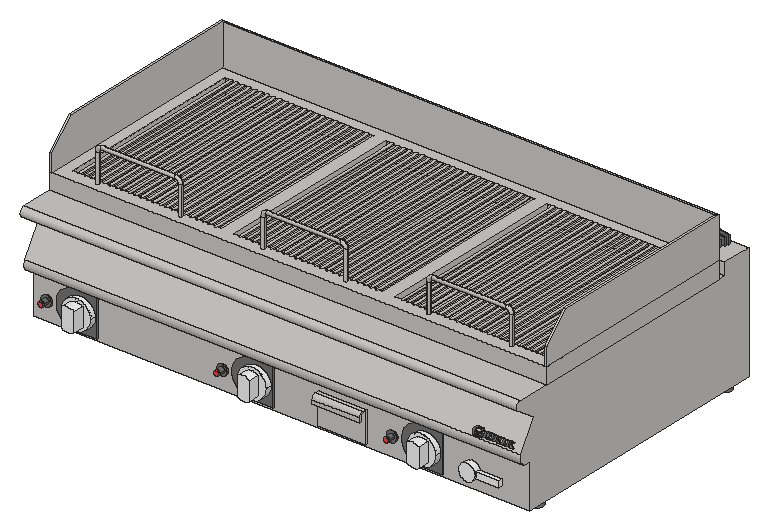
Revit family "QF_GIORIK_GL76TV", category Specialty Equipment, Revit 2014
Parameters (values of type "GL76TV")
  Weight in Pounds = 198.4158
  Waste Water Discharge Temperature [instance] = 0 °C
  URL Cutsheet = "www.giorik.com"
  URL = "www.giorik.com"
  Status [instance] = ""
  Specification by User [instance] = ""
  Specification by Manufacturer = ""
  Show Logo [instance] = yes
  Show Clearance [instance] = yes
  Serial Number = ""
  Seismic Rating = ""
  SMACNA No = ""
  Revision Code [instance] = ""
  Plumbing Remarks [instance] = ""
  Plumbing Connection Type [instance] = ""
  NAFEM Spec ID Number = ""
  Model = "GL76TV"
  Masterspec = ""
  Manufacturer = "GIORIK"
  Item Number [instance] = ""
  Installed By [instance] = ""
  Indirect Waste Size = 1 1/4"
  Indirect Waste Flow = 0.0 L/s
  Indirect Waste Connection Type [instance] = ""
  Indirect Waste Connection Height [instance] = 20 mm
  Identify Quantity as Lot [instance] = no
  Gas Size = 1"
  Gas RI Height [instance] = 0 mm
  Gas KW = 25.5
  Gas Input = 25500 W
  Gas Connection Height [instance] = 20 mm
  Furnished By [instance] = ""
  Foodservice Equipment Identifier [instance] = yes
  Description = "GAS STEAMGRILL"
  Cold Water Temperature Recommended = 0 °C
  Cold Water Size = 1/2"
  Cold Water RI Height [instance] = 20 mm
  Cold Water Minimum Pressure = 20000.0 Pa
  Cold Water Maximum Pressure = 50000.0 Pa
  Cold Water Flow [instance] = 0.0 L/s
  Cold Water Consumption [instance] = ""
  Cold Water Connection Height [instance] = 20 mm
  CSI MasterFormat = ""
  Assembly Code = "E1090320"
Reference planes
  plane 1 "Back": y = 0
  plane 2: z = 0
  plane 3 "Left": x = 0
  plane 4 "Right": x = 1200
  plane 5 "Front": y = -720
  plane 6 "Top": z = 300
Forms (mm)
  Extrusion 1, solid, visible <- "Show Logo"
    sketch origin (986.604, -708.674, 117.684) x (-1, 0, 0) y (0, 0.515038, 0.857167)
      loop
        line (-118.824, 58.358) -> (-127.804, 58.358) -> (-125.523, 56.445) -> (-125.523, 48.027) -> (-127.804, 46.113) -> (-118.824, 46.113) -> (-121.105, 48.027) -> (-121.105, 56.445) -> (-118.824, 58.358)
      loop
        line (-163.721, 58.358) -> (-172.7, 58.358) -> (-170.42, 56.445) -> (-170.42, 48.027) -> (-172.7, 46.113) -> (-163.721, 46.113) -> (-166.001, 48.027) -> (-166.001, 56.445) -> (-163.721, 58.358)
      loop
        line (-174.332, 58.358) -> (-183.312, 58.358) -> (-181.031, 56.445) -> (-181.031, 52.435) -> (-186.419, 56.955) -> (-184.416, 58.358) -> (-191.268, 58.358) -> (-188.01, 56.839) -> (-185.455, 54.283) -> (-190.846, 47.858) -> (-193.396, 46.93) -> (-193.396, 46.113) -> (-184.416, 46.113) -> (-185.437, 47.571) -> (-182.443, 51.552) -> (-181.031, 50.894) -> (-181.031, 48.027) -> (-183.312, 46.113) -> (-174.332, 46.113) -> (-176.613, 48.027) -> (-176.613, 56.445) -> (-174.332, 58.358)
      loop
        line (-115.429, 62.063) -> (-115.429, 54.198)
        arc (-115.429, 54.198) -> (-111.618, 57.803) -> (-106.847, 59.986) r 16.039
        arc (-106.847, 59.986) -> (-103.314, 59.837) -> (-100.512, 57.68) r 5.851
        arc (-100.512, 57.68) -> (-98.815, 52.267) -> (-100.512, 46.853) r 9.479
        arc (-100.512, 46.853) -> (-102.406, 44.986) -> (-104.846, 43.93) r 7.236
        arc (-104.846, 43.93) -> (-107.728, 44.111) -> (-110.052, 45.825) r 5.11
        line (-110.052, 45.825) -> (-110.052, 52.001) -> (-116.141, 52.001) -> (-116.141, 45.503) -> (-117.893, 43.751) -> (-114.094, 44.769)
        arc (-114.094, 44.769) -> (-112.56, 44.947) -> (-111.129, 44.366) r 3.115
        arc (-111.129, 44.366) -> (-104.216, 42.091) -> (-97.303, 44.366) r 11.641
        arc (-97.303, 44.366) -> (-93.396, 52.107) -> (-97.303, 59.849) r 9.622
        arc (-97.303, 59.849) -> (-104.369, 62.174) -> (-111.435, 59.849) r 11.898
        line (-111.435, 59.849) -> (-115.429, 62.063)
      loop
        arc (-129.234, 56.068) -> (-135.893, 58.628) -> (-142.552, 56.068) r 9.941
        arc (-142.552, 56.068) -> (-144.234, 52.286) -> (-142.552, 48.505) r 5.093
        arc (-142.552, 48.505) -> (-135.893, 45.945) -> (-129.234, 48.505) r 9.941
        arc (-129.234, 48.505) -> (-127.552, 52.286) -> (-129.234, 56.068) r 5.093
      loop
        arc (-132.628, 54.403) -> (-135.893, 57.668) -> (-139.158, 54.403) r 3.265
        line (-139.158, 54.403) -> (-139.158, 50.169)
        arc (-139.158, 50.169) -> (-135.893, 46.904) -> (-132.628, 50.169) r 3.265
        line (-132.628, 50.169) -> (-132.628, 54.403)
      loop
        arc (-156.363, 58.365) -> (-159.647, 55.081) -> (-156.363, 51.796) r 3.285
        line (-156.363, 51.796) -> (-159.529, 47.306) -> (-162.087, 46.113) -> (-155.847, 46.113) -> (-153.529, 51.083) -> (-150.637, 51.083) -> (-150.637, 47.784) -> (-153.022, 46.113) -> (-144.011, 46.113) -> (-146.094, 47.68) -> (-146.094, 56.493) -> (-144.229, 58.365) -> (-156.363, 58.365)
      loop
        line (-150.637, 57.512) -> (-153.637, 57.512)
        arc (-153.637, 57.512) -> (-156.237, 54.912) -> (-153.637, 52.312) r 2.6
        line (-153.637, 52.312) -> (-150.637, 52.312) -> (-150.637, 57.512)
      loop
        line (-108.924, 52.001) -> (-104.936, 49.005) -> (-100.948, 52.001) -> (-108.924, 52.001)
    from 1.5 to -0.5
  Extrusion 2, solid
    sketch origin (-4, 0, 0) x (1, 0, 0) y (0, 1, 0)
      loop
        circle (54, -385) r 12.5
    from 5 to 20
  Extrusion 3, solid
    sketch origin (0, 1000, -620) x (0, 1, 0) y (0, 0, 1)
      loop
        line (-1000, 919.988) -> (-1070, 919.988) -> (-1070, 889.988) -> (-1688.806, 889.988)
        arc (-1688.806, 889.988) -> (-1699.151, 883.075) -> (-1696.724, 870.873) r 11.197
        line (-1696.724, 870.873) -> (-1647.575, 836.458) -> (-1686.203, 772.171)
        arc (-1686.203, 772.171) -> (-1687.435, 755.768) -> (-1675, 745) r 18.302
        line (-1675, 745) -> (-1660, 745) -> (-1660, 640) -> (-1000, 640) -> (-1000, 919.988)
    from 0 to 1200
  Extrusion 4, solid
    sketch origin (-308.221, -612, -651.25) x (1, 0, 0) y (0, 0, 1)
      loop
        line (463.221, 676.25) -> (463.221, 766.25) -> (409.698, 766.25)
        arc (409.698, 766.25) -> (364.698, 721.25) -> (409.698, 676.25) r 45
        line (409.698, 676.25) -> (463.221, 676.25)
    from 48 to 50
  Extrusion 5, solid
    sketch origin (466.331, -660.641, -651.634) x (-1, 0, 0) y (0, -0.000888, -1)
      loop
        circle (351.331, -721.346) r 35
    from 0 to 15
  Extrusion 6, solid
    sketch origin (466.331, -660.641, -651.634) x (-1, 0, 0) y (0, -0.000888, -1)
      loop
        arc (336.331, -743.846) -> (351.331, -748.846) -> (366.331, -743.846) r 25
        line (366.331, -743.846) -> (366.331, -698.846)
        arc (366.331, -698.846) -> (351.331, -693.846) -> (336.331, -698.846) r 25
        line (336.331, -698.846) -> (336.331, -743.846)
    from 15 to 40
  Extrusion 7, solid
    sketch origin (-94, 0, -610.001) x (1, 0, 0) y (0, 0, 1)
      loop
        line (135, 909.989) -> (453, 909.989) -> (453, 925.527) -> (347.056, 931.749) -> (240.944, 931.749) -> (135, 925.527) -> (135, 909.989)
    from 32 to 35
  Extrusion 8, solid
    sketch origin (-92, 10, -610.001) x (1, 0, 0) y (0, 0, 1)
      loop
        line (454, 909.989) -> (454, 928.527) -> (346.162, 939.193) -> (237.838, 939.193) -> (130, 928.527) -> (130, 909.989) -> (454, 909.989)
    from 32 to 35
  Extrusion 9, solid
    sketch origin (-90, 20, -610.001) x (1, 0, 0) y (0, 0, 1)
      loop
        line (455, 909.989) -> (455, 930.527) -> (345.396, 947.413) -> (234.604, 947.413) -> (125, 930.527) -> (125, 909.989) -> (455, 909.989)
    from 32 to 35
  Extrusion 10, solid
    sketch origin (0, 0, -600) x (0, 1, 0) y (0, 0, 1)
      loop
        line (-90, 909.988) -> (-90, 1009.988) -> (-551.877, 1009.988) -> (-610, 951.864) -> (-610, 909.988) -> (-90, 909.988)
    from 0 to 5
  Extrusion 11, solid
    sketch origin (0, -90, -600) x (1, 0, 0) y (0, 0, 1)
      loop
        line (5, 1009.988) -> (5, 909.988) -> (1195, 909.988) -> (1195, 1009.988) -> (5, 1009.988)
    from 0 to 5
  Sweep 12, solid
    path origin (32.128, -587.463, 1256.207) x (0, 0, 1) y (-1, 0, 0)
      loop
        line (-946.207, -65.372) -> (-876.207, -65.372)
        arc (-876.207, -65.372) -> (-869.136, -68.301) -> (-866.207, -75.372) r 10
        line (-866.207, -75.372) -> (-866.207, -255.372)
        arc (-866.207, -255.372) -> (-869.136, -262.443) -> (-876.207, -265.372) r 10
        line (-876.207, -265.372) -> (-946.207, -265.372)
    profile origin (97.5, -587.463, 345) x (-1, 0, 0) y (0, -1, 0)
      loop
        circle (0, 0) r 4
  Extrusion 13, solid
    sketch origin (1411.331, -660, -661.247) x (-1, 0, 0) y (0, 0, -1)
      loop
        circle (351.331, -721.221) r 20
    from 0 to 15
  Extrusion 14, solid
    sketch origin (780, -664, -662.044) x (1, 0, 0) y (0, 0, 1)
      loop
        line (275.18, 729.518) -> (275.18, 714.518) -> (355.18, 714.518) -> (355.18, 729.518) -> (275.18, 729.518)
    from 0 to 10
  Extrusion 15, solid
    sketch origin (552.347, -700, -540.1) x (0, 1, 0) y (0, 0, 1)
      loop
        line (40, 640.1) -> (30, 640.1)
        arc (30, 640.1) -> (22.929, 637.171) -> (20, 630.1) r 10
        line (20, 630.1) -> (20, 620.1) -> (22, 620.1) -> (22, 630.1)
        arc (22, 630.1) -> (24.343, 635.757) -> (30, 638.1) r 8
        line (30, 638.1) -> (38, 638.1) -> (38, 565.1) -> (40, 565.1) -> (40, 640.1)
    from 137.5 to 252.5
  Extrusion 16, solid
    sketch origin (422, 0, -30) x (0, 1, 0) y (-1, 0, 0)
      loop
        circle (-185, -308) r 16
    from 35 to 50
  Extrusion 17, solid
    sketch origin (831.75, -293, -30) x (0, 1, 0) y (-1, 0, 0)
      loop
        circle (-185, -308) r 6.5
    from 35 to 50
  Extrusion 18, solid
    sketch origin (0, 0, 300) x (0, 1, 0) y (-1, 0, 0)
      loop
        line (-90, 0) -> (-610, 0) -> (-610, -1200) -> (-90, -1200) -> (-90, 0)
      loop
        line (-120, -30) -> (-580, -30) -> (-580, -390) -> (-120, -390) -> (-120, -30)
      loop
        line (-120, -420) -> (-580, -420) -> (-580, -780) -> (-120, -780) -> (-120, -420)
      loop
        line (-120, -810) -> (-580, -810) -> (-580, -1170) -> (-120, -1170) -> (-120, -810)
    from -30.012 to 9.988
  Extrusion 19, solid
    sketch origin (-5, 0, -600) x (1, 0, 0) y (0, 0, 1)
      loop
        circle (50, 906.988) r 3
    from 120 to 580
  Extrusion 20, solid
    sketch origin (10, 0, -600) x (1, 0, 0) y (0, 0, 1)
      loop
        circle (50, 906.988) r 3
    from 120 to 580
  Extrusion 21, solid
    sketch origin (25, 0, -600) x (1, 0, 0) y (0, 0, 1)
      loop
        circle (50, 906.988) r 3
    from 120 to 580
  Extrusion 22, solid
    sketch origin (40, 0, -600) x (1, 0, 0) y (0, 0, 1)
      loop
        circle (50, 906.988) r 3
    from 120 to 580
  Extrusion 23, solid
    sketch origin (55, 0, -600) x (1, 0, 0) y (0, 0, 1)
      loop
        circle (50, 906.988) r 3
    from 120 to 580
  Extrusion 24, solid
    sketch origin (70, 0, -600) x (1, 0, 0) y (0, 0, 1)
      loop
        circle (50, 906.988) r 3
    from 120 to 580
  Extrusion 25, solid
    sketch origin (85, 0, -600) x (1, 0, 0) y (0, 0, 1)
      loop
        circle (50, 906.988) r 3
    from 120 to 580
  Extrusion 26, solid
    sketch origin (100, 0, -600) x (1, 0, 0) y (0, 0, 1)
      loop
        circle (50, 906.988) r 3
    from 120 to 580
  Extrusion 27, solid
    sketch origin (115, 0, -600) x (1, 0, 0) y (0, 0, 1)
      loop
        circle (50, 906.988) r 3
    from 120 to 580
  Extrusion 28, solid
    sketch origin (130, 0, -600) x (1, 0, 0) y (0, 0, 1)
      loop
        circle (50, 906.988) r 3
    from 120 to 580
  Extrusion 29, solid
    sketch origin (145, 0, -600) x (1, 0, 0) y (0, 0, 1)
      loop
        circle (50, 906.988) r 3
    from 120 to 580
  Extrusion 30, solid
    sketch origin (160, 0, -600) x (1, 0, 0) y (0, 0, 1)
      loop
        circle (50, 906.988) r 3
    from 120 to 580
  Extrusion 31, solid
    sketch origin (175, 0, -600) x (1, 0, 0) y (0, 0, 1)
      loop
        circle (50, 906.988) r 3
    from 120 to 580
  Extrusion 32, solid
    sketch origin (190, 0, -600) x (1, 0, 0) y (0, 0, 1)
      loop
        circle (50, 906.988) r 3
    from 120 to 580
  Extrusion 33, solid
    sketch origin (205, 0, -600) x (1, 0, 0) y (0, 0, 1)
      loop
        circle (50, 906.988) r 3
    from 120 to 580
  Extrusion 34, solid
    sketch origin (220, 0, -600) x (1, 0, 0) y (0, 0, 1)
      loop
        circle (50, 906.988) r 3
    from 120 to 580
  Extrusion 35, solid
    sketch origin (235, 0, -600) x (1, 0, 0) y (0, 0, 1)
      loop
        circle (50, 906.988) r 3
    from 120 to 580
  Extrusion 36, solid
    sketch origin (250, 0, -600) x (1, 0, 0) y (0, 0, 1)
      loop
        circle (50, 906.988) r 3
    from 120 to 580
  Extrusion 37, solid
    sketch origin (265, 0, -600) x (1, 0, 0) y (0, 0, 1)
      loop
        circle (50, 906.988) r 3
    from 120 to 580
  Extrusion 38, solid
    sketch origin (280, 0, -600) x (1, 0, 0) y (0, 0, 1)
      loop
        circle (50, 906.988) r 3
    from 120 to 580
  Extrusion 39, solid
    sketch origin (295, 0, -600) x (1, 0, 0) y (0, 0, 1)
      loop
        circle (50, 906.988) r 3
    from 120 to 580
  Extrusion 40, solid
    sketch origin (-6.142, -635.246, -647.152) x (1, 0, 0) y (0, 0.000339, 1)
      loop
        circle (38.702, 711.666) r 12.5
    from 25 to 27
  Extrusion 41, solid
    sketch origin (-732.35, -662.248, -653.566) x (1, 0, 0) y (0, 0.000339, 1)
      loop
        circle (764.91, 718.089) r 6
    from 0 to 15
  Extrusion 42, solid
    sketch origin (-732.35, -663.41, -653.565) x (1, 0, 0) y (0, 0.000339, 1)
      loop
        circle (764.91, 718.089) r 6
    from 13.838 to 15.838
  Extrusion 43, solid
    sketch origin (1195, 0, -600) x (0, 1, 0) y (0, 0, 1)
      loop
        line (-90, 909.988) -> (-90, 1009.988) -> (-551.877, 1009.988) -> (-610, 951.864) -> (-610, 909.988) -> (-90, 909.988)
    from 0 to 5
  Extrusion 44, solid
    sketch origin (306, 0, -610.001) x (1, 0, 0) y (0, 0, 1)
      loop
        line (135, 909.989) -> (453, 909.989) -> (453, 925.527) -> (347.056, 931.749) -> (240.944, 931.749) -> (135, 925.527) -> (135, 909.989)
    from 32 to 35
  Extrusion 45, solid
    sketch origin (308, 10, -610.001) x (1, 0, 0) y (0, 0, 1)
      loop
        line (454, 909.989) -> (454, 928.527) -> (346.162, 939.193) -> (237.838, 939.193) -> (130, 928.527) -> (130, 909.989) -> (454, 909.989)
    from 32 to 35
  Extrusion 46, solid
    sketch origin (310, 20, -610.001) x (1, 0, 0) y (0, 0, 1)
      loop
        line (455, 909.989) -> (455, 930.527) -> (345.396, 947.413) -> (234.604, 947.413) -> (125, 930.527) -> (125, 909.989) -> (455, 909.989)
    from 32 to 35
  Sweep 47, solid
    path origin (432.128, -587.463, 1256.207) x (0, 0, 1) y (-1, 0, 0)
      loop
        line (-946.207, -65.372) -> (-876.207, -65.372)
        arc (-876.207, -65.372) -> (-869.136, -68.301) -> (-866.207, -75.372) r 10
        line (-866.207, -75.372) -> (-866.207, -255.372)
        arc (-866.207, -255.372) -> (-869.136, -262.443) -> (-876.207, -265.372) r 10
        line (-876.207, -265.372) -> (-946.207, -265.372)
    profile origin (497.5, -587.463, 345) x (-1, 0, 0) y (0, -1, 0)
      loop
        circle (0, 0) r 4
  Extrusion 48, solid
    sketch origin (310, 0, -600) x (1, 0, 0) y (0, 0, 1)
      loop
        circle (50, 906.988) r 3
    from 120 to 580
  Extrusion 49, solid
    sketch origin (306, 0, -610.001) x (1, 0, 0) y (0, 0, 1)
      loop
        line (135, 909.989) -> (453, 909.989) -> (453, 925.527) -> (347.056, 931.749) -> (240.944, 931.749) -> (135, 925.527) -> (135, 909.989)
    from 32 to 35
  Extrusion 50, solid
    sketch origin (308, 10, -610.001) x (1, 0, 0) y (0, 0, 1)
      loop
        line (454, 909.989) -> (454, 928.527) -> (346.162, 939.193) -> (237.838, 939.193) -> (130, 928.527) -> (130, 909.989) -> (454, 909.989)
    from 32 to 35
  Extrusion 51, solid
    sketch origin (310, 20, -610.001) x (1, 0, 0) y (0, 0, 1)
      loop
        line (455, 909.989) -> (455, 930.527) -> (345.396, 947.413) -> (234.604, 947.413) -> (125, 930.527) -> (125, 909.989) -> (455, 909.989)
    from 32 to 35
  Extrusion 52, solid
    sketch origin (116.779, -612, -651.25) x (1, 0, 0) y (0, 0, 1)
      loop
        line (463.221, 676.25) -> (463.221, 766.25) -> (409.698, 766.25)
        arc (409.698, 766.25) -> (364.698, 721.25) -> (409.698, 676.25) r 45
        line (409.698, 676.25) -> (463.221, 676.25)
    from 48 to 50
  Extrusion 53, solid
    sketch origin (891.331, -660.641, -651.634) x (-1, 0, 0) y (0, -0.000888, -1)
      loop
        circle (351.331, -721.346) r 35
    from 0 to 15
  Extrusion 54, solid
    sketch origin (891.331, -660.641, -651.634) x (-1, 0, 0) y (0, -0.000888, -1)
      loop
        arc (336.331, -743.846) -> (351.331, -748.846) -> (366.331, -743.846) r 25
        line (366.331, -743.846) -> (366.331, -698.846)
        arc (366.331, -698.846) -> (351.331, -693.846) -> (336.331, -698.846) r 25
        line (336.331, -698.846) -> (336.331, -743.846)
    from 15 to 40
  Extrusion 55, solid
    sketch origin (418.858, -635.246, -647.152) x (1, 0, 0) y (0, 0.000339, 1)
      loop
        circle (38.702, 711.666) r 12.5
    from 25 to 27
  Extrusion 56, solid
    sketch origin (-307.35, -662.248, -653.566) x (1, 0, 0) y (0, 0.000339, 1)
      loop
        circle (764.91, 718.089) r 6
    from 0 to 15
  Extrusion 57, solid
    sketch origin (-307.35, -663.41, -653.565) x (1, 0, 0) y (0, 0.000339, 1)
      loop
        circle (764.91, 718.089) r 6
    from 13.838 to 15.838
  Extrusion 58, solid
    sketch origin (526.779, -612, -651.25) x (1, 0, 0) y (0, 0, 1)
      loop
        line (463.221, 676.25) -> (463.221, 766.25) -> (409.698, 766.25)
        arc (409.698, 766.25) -> (364.698, 721.25) -> (409.698, 676.25) r 45
        line (409.698, 676.25) -> (463.221, 676.25)
    from 48 to 50
  Extrusion 59, solid
    sketch origin (1301.331, -660.641, -651.634) x (-1, 0, 0) y (0, -0.000888, -1)
      loop
        circle (351.331, -721.346) r 35
    from 0 to 15
  Extrusion 60, solid
    sketch origin (1301.331, -660.641, -651.634) x (-1, 0, 0) y (0, -0.000888, -1)
      loop
        arc (336.331, -743.846) -> (351.331, -748.846) -> (366.331, -743.846) r 25
        line (366.331, -743.846) -> (366.331, -698.846)
        arc (366.331, -698.846) -> (351.331, -693.846) -> (336.331, -698.846) r 25
        line (336.331, -698.846) -> (336.331, -743.846)
    from 15 to 40
  Extrusion 61, solid
    sketch origin (828.858, -635.246, -647.152) x (1, 0, 0) y (0, 0.000339, 1)
      loop
        circle (38.702, 711.666) r 12.5
    from 25 to 27
  Extrusion 62, solid
    sketch origin (102.65, -662.248, -653.566) x (1, 0, 0) y (0, 0.000339, 1)
      loop
        circle (764.91, 718.089) r 6
    from 0 to 15
  Extrusion 63, solid
    sketch origin (102.65, -663.41, -653.565) x (1, 0, 0) y (0, 0.000339, 1)
      loop
        circle (764.91, 718.089) r 6
    from 13.838 to 15.838
  Extrusion 64, solid
    sketch origin (706, 0, -610.001) x (1, 0, 0) y (0, 0, 1)
      loop
        line (135, 909.989) -> (453, 909.989) -> (453, 925.527) -> (347.056, 931.749) -> (240.944, 931.749) -> (135, 925.527) -> (135, 909.989)
    from 32 to 35
  Extrusion 65, solid
    sketch origin (708, 10, -610.001) x (1, 0, 0) y (0, 0, 1)
      loop
        line (454, 909.989) -> (454, 928.527) -> (346.162, 939.193) -> (237.838, 939.193) -> (130, 928.527) -> (130, 909.989) -> (454, 909.989)
    from 32 to 35
  Extrusion 66, solid
    sketch origin (710, 20, -610.001) x (1, 0, 0) y (0, 0, 1)
      loop
        line (455, 909.989) -> (455, 930.527) -> (345.396, 947.413) -> (234.604, 947.413) -> (125, 930.527) -> (125, 909.989) -> (455, 909.989)
    from 32 to 35
  Sweep 67, solid
    path origin (832.128, -587.463, 1256.207) x (0, 0, 1) y (-1, 0, 0)
      loop
        line (-946.207, -65.372) -> (-876.207, -65.372)
        arc (-876.207, -65.372) -> (-869.136, -68.301) -> (-866.207, -75.372) r 10
        line (-866.207, -75.372) -> (-866.207, -255.372)
        arc (-866.207, -255.372) -> (-869.136, -262.443) -> (-876.207, -265.372) r 10
        line (-876.207, -265.372) -> (-946.207, -265.372)
    profile origin (897.5, -587.463, 345) x (-1, 0, 0) y (0, -1, 0)
      loop
        circle (0, 0) r 4
  Extrusion 68, solid
    sketch origin (706, 0, -610.001) x (1, 0, 0) y (0, 0, 1)
      loop
        line (135, 909.989) -> (453, 909.989) -> (453, 925.527) -> (347.056, 931.749) -> (240.944, 931.749) -> (135, 925.527) -> (135, 909.989)
    from 32 to 35
  Extrusion 69, solid
    sketch origin (708, 10, -610.001) x (1, 0, 0) y (0, 0, 1)
      loop
        line (454, 909.989) -> (454, 928.527) -> (346.162, 939.193) -> (237.838, 939.193) -> (130, 928.527) -> (130, 909.989) -> (454, 909.989)
    from 32 to 35
  Extrusion 70, solid
    sketch origin (710, 20, -610.001) x (1, 0, 0) y (0, 0, 1)
      loop
        line (455, 909.989) -> (455, 930.527) -> (345.396, 947.413) -> (234.604, 947.413) -> (125, 930.527) -> (125, 909.989) -> (455, 909.989)
    from 32 to 35
  Extrusion 71, solid
    sketch origin (706, 0, -610.001) x (1, 0, 0) y (0, 0, 1)
      loop
        line (135, 909.989) -> (453, 909.989) -> (453, 925.527) -> (347.056, 931.749) -> (240.944, 931.749) -> (135, 925.527) -> (135, 909.989)
    from 32 to 35
  Extrusion 72, solid
    sketch origin (708, 10, -610.001) x (1, 0, 0) y (0, 0, 1)
      loop
        line (454, 909.989) -> (454, 928.527) -> (346.162, 939.193) -> (237.838, 939.193) -> (130, 928.527) -> (130, 909.989) -> (454, 909.989)
    from 32 to 35
  Extrusion 73, solid
    sketch origin (710, 20, -610.001) x (1, 0, 0) y (0, 0, 1)
      loop
        line (455, 909.989) -> (455, 930.527) -> (345.396, 947.413) -> (234.604, 947.413) -> (125, 930.527) -> (125, 909.989) -> (455, 909.989)
    from 32 to 35
  Extrusion 74, solid
    sketch origin (706, 0, -610.001) x (1, 0, 0) y (0, 0, 1)
      loop
        line (135, 909.989) -> (453, 909.989) -> (453, 925.527) -> (347.056, 931.749) -> (240.944, 931.749) -> (135, 925.527) -> (135, 909.989)
    from 32 to 35
  Extrusion 75, solid
    sketch origin (708, 10, -610.001) x (1, 0, 0) y (0, 0, 1)
      loop
        line (454, 909.989) -> (454, 928.527) -> (346.162, 939.193) -> (237.838, 939.193) -> (130, 928.527) -> (130, 909.989) -> (454, 909.989)
    from 32 to 35
  Extrusion 76, solid
    sketch origin (710, 20, -610.001) x (1, 0, 0) y (0, 0, 1)
      loop
        line (455, 909.989) -> (455, 930.527) -> (345.396, 947.413) -> (234.604, 947.413) -> (125, 930.527) -> (125, 909.989) -> (455, 909.989)
    from 32 to 35
  Extrusion 77, solid
    sketch origin (325, 0, -600) x (1, 0, 0) y (0, 0, 1)
      loop
        circle (50, 906.988) r 3
    from 120 to 580
  Extrusion 78, solid
    sketch origin (385, 0, -600) x (1, 0, 0) y (0, 0, 1)
      loop
        circle (50, 906.988) r 3
    from 120 to 580
  Extrusion 79, solid
    sketch origin (400, 0, -600) x (1, 0, 0) y (0, 0, 1)
      loop
        circle (50, 906.988) r 3
    from 120 to 580
  Extrusion 80, solid
    sketch origin (415, 0, -600) x (1, 0, 0) y (0, 0, 1)
      loop
        circle (50, 906.988) r 3
    from 120 to 580
  Extrusion 81, solid
    sketch origin (430, 0, -600) x (1, 0, 0) y (0, 0, 1)
      loop
        circle (50, 906.988) r 3
    from 120 to 580
  Extrusion 82, solid
    sketch origin (445, 0, -600) x (1, 0, 0) y (0, 0, 1)
      loop
        circle (50, 906.988) r 3
    from 120 to 580
  Extrusion 83, solid
    sketch origin (460, 0, -600) x (1, 0, 0) y (0, 0, 1)
      loop
        circle (50, 906.988) r 3
    from 120 to 580
  Extrusion 84, solid
    sketch origin (475, 0, -600) x (1, 0, 0) y (0, 0, 1)
      loop
        circle (50, 906.988) r 3
    from 120 to 580
  Extrusion 85, solid
    sketch origin (490, 0, -600) x (1, 0, 0) y (0, 0, 1)
      loop
        circle (50, 906.988) r 3
    from 120 to 580
  Extrusion 86, solid
    sketch origin (505, 0, -600) x (1, 0, 0) y (0, 0, 1)
      loop
        circle (50, 906.988) r 3
    from 120 to 580
  Extrusion 87, solid
    sketch origin (520, 0, -600) x (1, 0, 0) y (0, 0, 1)
      loop
        circle (50, 906.988) r 3
    from 120 to 580
  Extrusion 88, solid
    sketch origin (535, 0, -600) x (1, 0, 0) y (0, 0, 1)
      loop
        circle (50, 906.988) r 3
    from 120 to 580
  Extrusion 89, solid
    sketch origin (550, 0, -600) x (1, 0, 0) y (0, 0, 1)
      loop
        circle (50, 906.988) r 3
    from 120 to 580
  Extrusion 90, solid
    sketch origin (565, 0, -600) x (1, 0, 0) y (0, 0, 1)
      loop
        circle (50, 906.988) r 3
    from 120 to 580
  Extrusion 91, solid
    sketch origin (580, 0, -600) x (1, 0, 0) y (0, 0, 1)
      loop
        circle (50, 906.988) r 3
    from 120 to 580
  Extrusion 92, solid
    sketch origin (595, 0, -600) x (1, 0, 0) y (0, 0, 1)
      loop
        circle (50, 906.988) r 3
    from 120 to 580
  Extrusion 93, solid
    sketch origin (610, 0, -600) x (1, 0, 0) y (0, 0, 1)
      loop
        circle (50, 906.988) r 3
    from 120 to 580
  Extrusion 94, solid
    sketch origin (625, 0, -600) x (1, 0, 0) y (0, 0, 1)
      loop
        circle (50, 906.988) r 3
    from 120 to 580
  Extrusion 95, solid
    sketch origin (640, 0, -600) x (1, 0, 0) y (0, 0, 1)
      loop
        circle (50, 906.988) r 3
    from 120 to 580
  Extrusion 96, solid
    sketch origin (655, 0, -600) x (1, 0, 0) y (0, 0, 1)
      loop
        circle (50, 906.988) r 3
    from 120 to 580
  Extrusion 97, solid
    sketch origin (670, 0, -600) x (1, 0, 0) y (0, 0, 1)
      loop
        circle (50, 906.988) r 3
    from 120 to 580
  Extrusion 98, solid
    sketch origin (685, 0, -600) x (1, 0, 0) y (0, 0, 1)
      loop
        circle (50, 906.988) r 3
    from 120 to 580
  Extrusion 99, solid
    sketch origin (700, 0, -600) x (1, 0, 0) y (0, 0, 1)
      loop
        circle (50, 906.988) r 3
    from 120 to 580
  Extrusion 100, solid
    sketch origin (715, 0, -600) x (1, 0, 0) y (0, 0, 1)
      loop
        circle (50, 906.988) r 3
    from 120 to 580
  Extrusion 101, solid
    sketch origin (775, 0, -600) x (1, 0, 0) y (0, 0, 1)
      loop
        circle (50, 906.988) r 3
    from 120 to 580
  Extrusion 102, solid
    sketch origin (790, 0, -600) x (1, 0, 0) y (0, 0, 1)
      loop
        circle (50, 906.988) r 3
    from 120 to 580
  Extrusion 103, solid
    sketch origin (805, 0, -600) x (1, 0, 0) y (0, 0, 1)
      loop
        circle (50, 906.988) r 3
    from 120 to 580
  Extrusion 104, solid
    sketch origin (820, 0, -600) x (1, 0, 0) y (0, 0, 1)
      loop
        circle (50, 906.988) r 3
    from 120 to 580
  Extrusion 105, solid
    sketch origin (835, 0, -600) x (1, 0, 0) y (0, 0, 1)
      loop
        circle (50, 906.988) r 3
    from 120 to 580
  Extrusion 106, solid
    sketch origin (850, 0, -600) x (1, 0, 0) y (0, 0, 1)
      loop
        circle (50, 906.988) r 3
    from 120 to 580
  Extrusion 107, solid
    sketch origin (865, 0, -600) x (1, 0, 0) y (0, 0, 1)
      loop
        circle (50, 906.988) r 3
    from 120 to 580
  Extrusion 108, solid
    sketch origin (880, 0, -600) x (1, 0, 0) y (0, 0, 1)
      loop
        circle (50, 906.988) r 3
    from 120 to 580
  Extrusion 109, solid
    sketch origin (895, 0, -600) x (1, 0, 0) y (0, 0, 1)
      loop
        circle (50, 906.988) r 3
    from 120 to 580
  Extrusion 110, solid
    sketch origin (910, 0, -600) x (1, 0, 0) y (0, 0, 1)
      loop
        circle (50, 906.988) r 3
    from 120 to 580
  Extrusion 111, solid
    sketch origin (925, 0, -600) x (1, 0, 0) y (0, 0, 1)
      loop
        circle (50, 906.988) r 3
    from 120 to 580
  Extrusion 112, solid
    sketch origin (940, 0, -600) x (1, 0, 0) y (0, 0, 1)
      loop
        circle (50, 906.988) r 3
    from 120 to 580
  Extrusion 113, solid
    sketch origin (955, 0, -600) x (1, 0, 0) y (0, 0, 1)
      loop
        circle (50, 906.988) r 3
    from 120 to 580
  Extrusion 114, solid
    sketch origin (970, 0, -600) x (1, 0, 0) y (0, 0, 1)
      loop
        circle (50, 906.988) r 3
    from 120 to 580
  Extrusion 115, solid
    sketch origin (985, 0, -600) x (1, 0, 0) y (0, 0, 1)
      loop
        circle (50, 906.988) r 3
    from 120 to 580
  Extrusion 116, solid
    sketch origin (1000, 0, -600) x (1, 0, 0) y (0, 0, 1)
      loop
        circle (50, 906.988) r 3
    from 120 to 580
  Extrusion 117, solid
    sketch origin (1015, 0, -600) x (1, 0, 0) y (0, 0, 1)
      loop
        circle (50, 906.988) r 3
    from 120 to 580
  Extrusion 118, solid
    sketch origin (1030, 0, -600) x (1, 0, 0) y (0, 0, 1)
      loop
        circle (50, 906.988) r 3
    from 120 to 580
  Extrusion 119, solid
    sketch origin (1045, 0, -600) x (1, 0, 0) y (0, 0, 1)
      loop
        circle (50, 906.988) r 3
    from 120 to 580
  Extrusion 120, solid
    sketch origin (1060, 0, -600) x (1, 0, 0) y (0, 0, 1)
      loop
        circle (50, 906.988) r 3
    from 120 to 580
  Extrusion 121, solid
    sketch origin (1075, 0, -600) x (1, 0, 0) y (0, 0, 1)
      loop
        circle (50, 906.988) r 3
    from 120 to 580
  Extrusion 122, solid
    sketch origin (1090, 0, -600) x (1, 0, 0) y (0, 0, 1)
      loop
        circle (50, 906.988) r 3
    from 120 to 580
  Extrusion 123, solid
    sketch origin (1105, 0, -600) x (1, 0, 0) y (0, 0, 1)
      loop
        circle (50, 906.988) r 3
    from 120 to 580
  Sweep 124, solid
    path origin (832.128, -587.463, 1256.207) x (0, 0, 1) y (-1, 0, 0)
      loop
        line (-946.207, -65.372) -> (-876.207, -65.372)
        arc (-876.207, -65.372) -> (-869.136, -68.301) -> (-866.207, -75.372) r 10
        line (-866.207, -75.372) -> (-866.207, -255.372)
        arc (-866.207, -255.372) -> (-869.136, -262.443) -> (-876.207, -265.372) r 10
        line (-876.207, -265.372) -> (-946.207, -265.372)
    profile origin (897.5, -587.463, 345) x (-1, 0, 0) y (0, -1, 0)
      loop
        circle (0, 0) r 4
  Extrusion 125, solid
    sketch origin (543.603, 45.293, -30) x (0, 1, 0) y (-1, 0, 0)
      loop
        circle (-79.293, 516.603) r 5
    from 41.965 to 50
  Revolve 126, solid
    sketch origin (27, 49.943, -600) x (0, 1, 0) y (0, 0, 1)
      loop
        line (-83.943, 611.965) -> (-94.752, 611.965) -> (-97.943, 600) -> (-83.943, 600) -> (-83.943, 611.965)
      axis (-83.943, 611.965) -> (-83.943, 600)
    angle from 0 to 360
  Extrusion 127, solid
    sketch origin (543.603, -524.707, -30) x (0, 1, 0) y (-1, 0, 0)
      loop
        circle (-79.293, 516.603) r 5
    from 41.965 to 50
  Revolve 128, solid
    sketch origin (27, -520.057, -600) x (0, 1, 0) y (0, 0, 1)
      loop
        line (-83.943, 611.965) -> (-94.752, 611.965) -> (-97.943, 600) -> (-83.943, 600) -> (-83.943, 611.965)
      axis (-83.943, 611.965) -> (-83.943, 600)
    angle from 0 to 360
  Extrusion 129, solid
    sketch origin (656.397, 45.293, -30) x (0, 1, 0) y (-1, 0, 0)
      loop
        circle (-79.293, -516.603) r 5
    from 41.965 to 50
  Revolve 130, solid
    sketch origin (1173, 49.943, -600) x (0, 1, 0) y (0, 0, -1)
      loop
        line (-83.943, -611.965) -> (-83.943, -600) -> (-97.943, -600) -> (-94.752, -611.965) -> (-83.943, -611.965)
      axis (-83.943, -611.965) -> (-83.943, -600)
    angle from 0 to 360
  Extrusion 131, solid
    sketch origin (656.397, -524.707, -30) x (0, 1, 0) y (-1, 0, 0)
      loop
        circle (-79.293, -516.603) r 5
    from 41.965 to 50
  Revolve 132, solid
    sketch origin (1173, -520.057, -600) x (0, 1, 0) y (0, 0, -1)
      loop
        line (-83.943, -611.965) -> (-83.943, -600) -> (-97.943, -600) -> (-94.752, -611.965) -> (-83.943, -611.965)
      axis (-83.943, -611.965) -> (-83.943, -600)
    angle from 0 to 360
Lines and regions (mm)
  symbolic lines, style "200-EquipBorder-2D"
    curve 1: line (0, -720, 0) -> (1200, -720, 0)
    curve 2: line (1200, -720, 0) -> (1200, 0, 0)
    curve 3: line (1200, 0, 0) -> (0, 0, 0)
    curve 4: line (0, 0, 0) -> (0, -720, 0)
  symbolic lines, style "200-EquipInternal-2D"
    curve 5: line (0, -70, 300) -> (1200, -70, 300)
    curve 6: line (35, -12, 900) -> (365, -12, 900)
    curve 7: line (365, -12, 900) -> (365, -15, 900)
    curve 8: line (365, -15, 900) -> (35, -15, 900)
    curve 9: line (35, -15, 900) -> (35, -12, 900)
    curve 10: line (38, -22, 900) -> (362, -22, 900)
    curve 11: line (362, -22, 900) -> (362, -25, 900)
    curve 12: line (362, -25, 900) -> (38, -25, 900)
    curve 13: line (38, -25, 900) -> (38, -22, 900)
    curve 14: line (41, -32, 900) -> (359, -32, 900)
    curve 15: line (359, -32, 900) -> (359, -35, 900)
    curve 16: line (359, -35, 900) -> (41, -35, 900)
    curve 17: line (41, -35, 900) -> (41, -32, 900)
    curve 18: line (5, -95, 300) -> (1195, -95, 300)
    curve 19: line (0, -90, 300) -> (1200, -90, 300)
    curve 20: line (1200, -90, 300) -> (1200, -610, 300)
    curve 21: line (1195, -610, 300) -> (1195, -95, 300)
    curve 22: line (5, -95, 300) -> (5, -610, 300)
    curve 23: line (0, -610, 300) -> (0, -90, 300)
    curve 24: line (0, -610, 300) -> (1200, -610, 300)
    curve 25: line (30, -580, 300) -> (30, -120, 300)
    curve 26: line (390, -120, 300) -> (390, -580, 300)
    curve 27: line (132, -120, 300) -> (132, -580, 300)
    curve 28: line (42, -580, 300) -> (42, -120, 300)
    curve 29: line (48, -580, 300) -> (48, -120, 300)
    curve 30: line (57, -120, 300) -> (57, -580, 300)
    curve 31: line (57, -580, 300) -> (48, -580, 300)
    curve 32: line (42, -580, 300) -> (30, -580, 300)
    curve 33: line (30, -120, 300) -> (42, -120, 300)
    curve 34: line (48, -120, 300) -> (57, -120, 300)
    curve 35: line (63, -120, 300) -> (63, -580, 300)
    curve 36: line (63, -580, 300) -> (72, -580, 300)
    curve 37: line (72, -580, 300) -> (72, -120, 300)
    curve 38: line (72, -120, 300) -> (63, -120, 300)
    curve 39: line (78, -120, 300) -> (87, -120, 300)
    curve 40: line (87, -120, 300) -> (87, -580, 300)
    curve 41: line (87, -580, 300) -> (78, -580, 300)
    curve 42: line (78, -580, 300) -> (78, -120, 300)
    curve 43: line (93, -120, 300) -> (93, -580, 300)
    curve 44: line (93, -580, 300) -> (102, -580, 300)
    curve 45: line (102, -580, 300) -> (102, -120, 300)
    curve 46: line (102, -120, 300) -> (93, -120, 300)
    curve 47: line (108, -120, 300) -> (117, -120, 300)
    curve 48: line (117, -120, 300) -> (117, -580, 300)
    curve 49: line (117, -580, 300) -> (108, -580, 300)
    curve 50: line (108, -580, 300) -> (108, -120, 300)
    curve 51: line (132, -120, 300) -> (123, -120, 300)
    curve 52: line (123, -120, 300) -> (123, -580, 300)
    curve 53: line (123, -580, 300) -> (132, -580, 300)
    curve 54: line (138, -580, 300) -> (138, -120, 300)
    curve 55: line (138, -120, 300) -> (147, -120, 300)
    curve 56: line (147, -120, 300) -> (147, -580, 300)
    curve 57: line (147, -580, 300) -> (138, -580, 300)
    curve 58: line (153, -580, 300) -> (153, -120, 300)
    curve 59: line (153, -120, 300) -> (162, -120, 300)
    curve 60: line (162, -120, 300) -> (162, -580, 300)
    curve 61: line (162, -580, 300) -> (153, -580, 300)
    curve 62: line (168, -580, 300) -> (168, -120, 300)
    curve 63: line (168, -120, 300) -> (177, -120, 300)
    curve 64: line (177, -120, 300) -> (177, -580, 300)
    curve 65: line (177, -580, 300) -> (168, -580, 300)
    curve 66: line (183, -580, 300) -> (183, -120, 300)
    curve 67: line (183, -120, 300) -> (192, -120, 300)
    curve 68: line (192, -120, 300) -> (192, -580, 300)
    curve 69: line (192, -580, 300) -> (183, -580, 300)
    curve 70: line (198, -580, 300) -> (198, -120, 300)
    curve 71: line (198, -120, 300) -> (207, -120, 300)
    curve 72: line (207, -120, 300) -> (207, -580, 300)
    curve 73: line (207, -580, 300) -> (198, -580, 300)
    curve 74: line (213, -580, 300) -> (213, -120, 300)
    curve 75: line (213, -120, 300) -> (222, -120, 300)
    curve 76: line (222, -120, 300) -> (222, -580, 300)
    curve 77: line (222, -580, 300) -> (213, -580, 300)
    curve 78: line (228, -580, 300) -> (228, -120, 300)
    curve 79: line (228, -120, 300) -> (237, -120, 300)
    curve 80: line (237, -120, 300) -> (237, -580, 300)
    curve 81: line (237, -580, 300) -> (228, -580, 300)
    curve 82: line (243, -580, 300) -> (243, -120, 300)
    curve 83: line (243, -120, 300) -> (252, -120, 300)
    curve 84: line (252, -120, 300) -> (252, -580, 300)
    curve 85: line (252, -580, 300) -> (243, -580, 300)
    curve 86: line (258, -580, 300) -> (258, -120, 300)
    curve 87: line (258, -120, 300) -> (267, -120, 300)
    curve 88: line (267, -120, 300) -> (267, -580, 300)
    curve 89: line (267, -580, 300) -> (258, -580, 300)
    curve 90: line (273, -580, 300) -> (273, -120, 300)
    curve 91: line (273, -120, 300) -> (282, -120, 300)
    curve 92: line (282, -120, 300) -> (282, -580, 300)
    curve 93: line (282, -580, 300) -> (273, -580, 300)
    curve 94: line (288, -580, 300) -> (288, -120, 300)
    curve 95: line (288, -120, 300) -> (297, -120, 300)
    curve 96: line (297, -120, 300) -> (297, -580, 300)
    curve 97: line (297, -580, 300) -> (288, -580, 300)
    curve 98: line (303, -580, 300) -> (303, -120, 300)
    curve 99: line (303, -120, 300) -> (312, -120, 300)
    curve 100: line (312, -120, 300) -> (312, -580, 300)
    curve 101: line (312, -580, 300) -> (303, -580, 300)
    curve 102: line (318, -580, 300) -> (318, -120, 300)
    curve 103: line (318, -120, 300) -> (327, -120, 300)
    curve 104: line (327, -120, 300) -> (327, -580, 300)
    curve 105: line (327, -580, 300) -> (318, -580, 300)
    curve 106: line (333, -580, 300) -> (333, -120, 300)
    curve 107: line (333, -120, 300) -> (342, -120, 300)
    curve 108: line (342, -120, 300) -> (342, -580, 300)
    curve 109: line (342, -580, 300) -> (333, -580, 300)
    curve 110: line (348, -580, 300) -> (348, -120, 300)
    curve 111: line (97.5, -583.463, 300) -> (297.5, -583.463, 300)
    curve 112: line (297.5, -591.463, 300) -> (97.5, -591.463, 300)
    curve 113: arc (97.5, -583.463, 300) -> (93.5, -587.463, 300) -> (97.5, -591.463, 300) r 4
    curve 114: arc (297.5, -583.463, 300) -> (301.5, -587.463, 300) -> (297.5, -591.463, 300) r 4
    curve 115: line (697.5, -591.463, 300) -> (497.5, -591.463, 300)
    curve 116: line (497.5, -583.463, 300) -> (697.5, -583.463, 300)
    curve 117: arc (497.5, -583.463, 300) -> (493.5, -587.463, 300) -> (497.5, -591.463, 300) r 4
    curve 118: arc (697.5, -583.463, 300) -> (701.5, -587.463, 300) -> (697.5, -591.463, 300) r 4
    curve 119: line (435, -12, 900) -> (765, -12, 900)
    curve 120: line (765, -12, 900) -> (765, -15, 900)
    curve 121: line (765, -15, 900) -> (435, -15, 900)
    curve 122: line (435, -15, 900) -> (435, -12, 900)
    curve 123: line (438, -22, 900) -> (762, -22, 900)
    curve 124: line (762, -22, 900) -> (762, -25, 900)
    curve 125: line (762, -25, 900) -> (438, -25, 900)
    curve 126: line (438, -25, 900) -> (438, -22, 900)
    curve 127: line (441, -32, 900) -> (759, -32, 900)
    curve 128: line (759, -32, 900) -> (759, -35, 900)
    curve 129: line (759, -35, 900) -> (441, -35, 900)
    curve 130: line (441, -35, 900) -> (441, -32, 900)
    curve 131: line (835, -12, 900) -> (1165, -12, 900)
    curve 132: line (1165, -12, 900) -> (1165, -15, 900)
    curve 133: line (1165, -15, 900) -> (835, -15, 900)
    curve 134: line (835, -15, 900) -> (835, -12, 900)
    curve 135: line (838, -22, 900) -> (1162, -22, 900)
    curve 136: line (1162, -22, 900) -> (1162, -25, 900)
    curve 137: line (1162, -25, 900) -> (838, -25, 900)
    curve 138: line (838, -25, 900) -> (838, -22, 900)
    curve 139: line (841, -32, 900) -> (1159, -32, 900)
    curve 140: line (1159, -32, 900) -> (1159, -35, 900)
    curve 141: line (1159, -35, 900) -> (841, -35, 900)
    curve 142: line (841, -35, 900) -> (841, -32, 900)
    curve 143: line (348, -580, 300) -> (357, -580, 300)
    curve 144: line (357, -580, 300) -> (357, -120, 300)
    curve 145: line (357, -120, 300) -> (348, -120, 300)
    curve 146: line (363, -120, 300) -> (372, -120, 300)
    curve 147: line (372, -120, 300) -> (372, -580, 300)
    curve 148: line (372, -580, 300) -> (363, -580, 300)
    curve 149: line (363, -580, 300) -> (363, -120, 300)
    curve 150: line (390, -120, 300) -> (378, -120, 300)
    curve 151: line (378, -120, 300) -> (378, -580, 300)
    curve 152: line (378, -580, 300) -> (390, -580, 300)
    curve 153: line (420, -580, 300) -> (420, -120, 300)
    curve 154: line (780, -120, 300) -> (780, -580, 300)
    curve 155: line (522, -120, 300) -> (522, -580, 300)
    curve 156: line (432, -580, 300) -> (432, -120, 300)
    curve 157: line (438, -580, 300) -> (438, -120, 300)
    curve 158: line (447, -120, 300) -> (447, -580, 300)
    curve 159: line (447, -580, 300) -> (438, -580, 300)
    curve 160: line (432, -580, 300) -> (420, -580, 300)
    curve 161: line (420, -120, 300) -> (432, -120, 300)
    curve 162: line (438, -120, 300) -> (447, -120, 300)
    curve 163: line (453, -120, 300) -> (453, -580, 300)
    curve 164: line (453, -580, 300) -> (462, -580, 300)
    curve 165: line (462, -580, 300) -> (462, -120, 300)
    curve 166: line (462, -120, 300) -> (453, -120, 300)
    curve 167: line (468, -120, 300) -> (477, -120, 300)
    curve 168: line (477, -120, 300) -> (477, -580, 300)
    curve 169: line (477, -580, 300) -> (468, -580, 300)
    curve 170: line (468, -580, 300) -> (468, -120, 300)
    curve 171: line (483, -120, 300) -> (483, -580, 300)
    curve 172: line (483, -580, 300) -> (492, -580, 300)
    curve 173: line (492, -580, 300) -> (492, -120, 300)
    curve 174: line (492, -120, 300) -> (483, -120, 300)
    curve 175: line (498, -120, 300) -> (507, -120, 300)
    curve 176: line (507, -120, 300) -> (507, -580, 300)
    curve 177: line (507, -580, 300) -> (498, -580, 300)
    curve 178: line (498, -580, 300) -> (498, -120, 300)
    curve 179: line (522, -120, 300) -> (513, -120, 300)
    curve 180: line (513, -120, 300) -> (513, -580, 300)
    curve 181: line (513, -580, 300) -> (522, -580, 300)
    curve 182: line (528, -580, 300) -> (528, -120, 300)
    curve 183: line (528, -120, 300) -> (537, -120, 300)
    curve 184: line (537, -120, 300) -> (537, -580, 300)
    curve 185: line (537, -580, 300) -> (528, -580, 300)
    curve 186: line (543, -580, 300) -> (543, -120, 300)
    curve 187: line (543, -120, 300) -> (552, -120, 300)
    curve 188: line (552, -120, 300) -> (552, -580, 300)
    curve 189: line (552, -580, 300) -> (543, -580, 300)
    curve 190: line (558, -580, 300) -> (558, -120, 300)
    curve 191: line (558, -120, 300) -> (567, -120, 300)
    curve 192: line (567, -120, 300) -> (567, -580, 300)
    curve 193: line (567, -580, 300) -> (558, -580, 300)
    curve 194: line (573, -580, 300) -> (573, -120, 300)
    curve 195: line (573, -120, 300) -> (582, -120, 300)
    curve 196: line (582, -120, 300) -> (582, -580, 300)
    curve 197: line (582, -580, 300) -> (573, -580, 300)
    curve 198: line (588, -580, 300) -> (588, -120, 300)
    curve 199: line (588, -120, 300) -> (597, -120, 300)
    curve 200: line (597, -120, 300) -> (597, -580, 300)
    curve 201: line (597, -580, 300) -> (588, -580, 300)
    curve 202: line (603, -580, 300) -> (603, -120, 300)
    curve 203: line (603, -120, 300) -> (612, -120, 300)
    curve 204: line (612, -120, 300) -> (612, -580, 300)
    curve 205: line (612, -580, 300) -> (603, -580, 300)
    curve 206: line (618, -580, 300) -> (618, -120, 300)
    curve 207: line (618, -120, 300) -> (627, -120, 300)
    curve 208: line (627, -120, 300) -> (627, -580, 300)
    curve 209: line (627, -580, 300) -> (618, -580, 300)
    curve 210: line (633, -580, 300) -> (633, -120, 300)
    curve 211: line (633, -120, 300) -> (642, -120, 300)
    curve 212: line (642, -120, 300) -> (642, -580, 300)
    curve 213: line (642, -580, 300) -> (633, -580, 300)
    curve 214: line (648, -580, 300) -> (648, -120, 300)
    curve 215: line (648, -120, 300) -> (657, -120, 300)
    curve 216: line (657, -120, 300) -> (657, -580, 300)
    curve 217: line (657, -580, 300) -> (648, -580, 300)
    curve 218: line (663, -580, 300) -> (663, -120, 300)
    curve 219: line (663, -120, 300) -> (672, -120, 300)
    curve 220: line (672, -120, 300) -> (672, -580, 300)
    curve 221: line (672, -580, 300) -> (663, -580, 300)
    curve 222: line (678, -580, 300) -> (678, -120, 300)
    curve 223: line (678, -120, 300) -> (687, -120, 300)
    curve 224: line (687, -120, 300) -> (687, -580, 300)
    curve 225: line (687, -580, 300) -> (678, -580, 300)
    curve 226: line (693, -580, 300) -> (693, -120, 300)
    curve 227: line (693, -120, 300) -> (702, -120, 300)
    curve 228: line (702, -120, 300) -> (702, -580, 300)
    curve 229: line (702, -580, 300) -> (693, -580, 300)
    curve 230: line (708, -580, 300) -> (708, -120, 300)
    curve 231: line (708, -120, 300) -> (717, -120, 300)
    curve 232: line (717, -120, 300) -> (717, -580, 300)
    curve 233: line (717, -580, 300) -> (708, -580, 300)
    curve 234: line (723, -580, 300) -> (723, -120, 300)
    curve 235: line (723, -120, 300) -> (732, -120, 300)
    curve 236: line (732, -120, 300) -> (732, -580, 300)
    curve 237: line (732, -580, 300) -> (723, -580, 300)
    curve 238: line (738, -580, 300) -> (738, -120, 300)
    curve 239: line (738, -580, 300) -> (747, -580, 300)
    curve 240: line (747, -580, 300) -> (747, -120, 300)
    curve 241: line (747, -120, 300) -> (738, -120, 300)
    curve 242: line (753, -120, 300) -> (762, -120, 300)
    curve 243: line (762, -120, 300) -> (762, -580, 300)
    curve 244: line (762, -580, 300) -> (753, -580, 300)
    curve 245: line (753, -580, 300) -> (753, -120, 300)
    curve 246: line (780, -120, 300) -> (768, -120, 300)
    curve 247: line (768, -120, 300) -> (768, -580, 300)
    curve 248: line (768, -580, 300) -> (780, -580, 300)
    curve 249: line (810, -580, 300) -> (810, -120, 300)
    curve 250: line (1170, -120, 300) -> (1170, -580, 300)
    curve 251: line (912, -120, 300) -> (912, -580, 300)
    curve 252: line (822, -580, 300) -> (822, -120, 300)
    curve 253: line (828, -580, 300) -> (828, -120, 300)
    curve 254: line (837, -120, 300) -> (837, -580, 300)
    curve 255: line (837, -580, 300) -> (828, -580, 300)
    curve 256: line (822, -580, 300) -> (810, -580, 300)
    curve 257: line (810, -120, 300) -> (822, -120, 300)
    curve 258: line (828, -120, 300) -> (837, -120, 300)
    curve 259: line (843, -120, 300) -> (843, -580, 300)
    curve 260: line (843, -580, 300) -> (852, -580, 300)
    curve 261: line (852, -580, 300) -> (852, -120, 300)
    curve 262: line (852, -120, 300) -> (843, -120, 300)
    curve 263: line (858, -120, 300) -> (867, -120, 300)
    curve 264: line (867, -120, 300) -> (867, -580, 300)
    curve 265: line (867, -580, 300) -> (858, -580, 300)
    curve 266: line (858, -580, 300) -> (858, -120, 300)
    curve 267: line (873, -120, 300) -> (873, -580, 300)
    curve 268: line (873, -580, 300) -> (882, -580, 300)
    curve 269: line (882, -580, 300) -> (882, -120, 300)
    curve 270: line (882, -120, 300) -> (873, -120, 300)
    curve 271: line (888, -120, 300) -> (897, -120, 300)
    curve 272: line (897, -120, 300) -> (897, -580, 300)
    curve 273: line (897, -580, 300) -> (888, -580, 300)
    curve 274: line (888, -580, 300) -> (888, -120, 300)
    curve 275: line (912, -120, 300) -> (903, -120, 300)
    curve 276: line (903, -120, 300) -> (903, -580, 300)
    curve 277: line (903, -580, 300) -> (912, -580, 300)
    curve 278: line (918, -580, 300) -> (918, -120, 300)
    curve 279: line (918, -120, 300) -> (927, -120, 300)
    curve 280: line (927, -120, 300) -> (927, -580, 300)
    curve 281: line (927, -580, 300) -> (918, -580, 300)
    curve 282: line (933, -580, 300) -> (933, -120, 300)
    curve 283: line (933, -120, 300) -> (942, -120, 300)
    curve 284: line (942, -120, 300) -> (942, -580, 300)
    curve 285: line (942, -580, 300) -> (933, -580, 300)
    curve 286: line (948, -580, 300) -> (948, -120, 300)
    curve 287: line (948, -120, 300) -> (957, -120, 300)
    curve 288: line (957, -120, 300) -> (957, -580, 300)
    curve 289: line (957, -580, 300) -> (948, -580, 300)
    curve 290: line (963, -580, 300) -> (963, -120, 300)
    curve 291: line (963, -120, 300) -> (972, -120, 300)
    curve 292: line (972, -120, 300) -> (972, -580, 300)
    curve 293: line (972, -580, 300) -> (963, -580, 300)
    curve 294: line (978, -580, 300) -> (978, -120, 300)
    curve 295: line (978, -120, 300) -> (987, -120, 300)
    curve 296: line (987, -120, 300) -> (987, -580, 300)
    curve 297: line (987, -580, 300) -> (978, -580, 300)
    curve 298: line (993, -580, 300) -> (993, -120, 300)
    curve 299: line (993, -120, 300) -> (1002, -120, 300)
    curve 300: line (1002, -120, 300) -> (1002, -580, 300)
    curve 301: line (1002, -580, 300) -> (993, -580, 300)
    curve 302: line (1008, -580, 300) -> (1008, -120, 300)
    curve 303: line (1008, -120, 300) -> (1017, -120, 300)
    curve 304: line (1017, -120, 300) -> (1017, -580, 300)
    curve 305: line (1017, -580, 300) -> (1008, -580, 300)
    curve 306: line (1023, -580, 300) -> (1023, -120, 300)
    curve 307: line (1023, -120, 300) -> (1032, -120, 300)
    curve 308: line (1032, -120, 300) -> (1032, -580, 300)
    curve 309: line (1032, -580, 300) -> (1023, -580, 300)
    curve 310: line (1038, -580, 300) -> (1038, -120, 300)
    curve 311: line (1038, -120, 300) -> (1047, -120, 300)
    curve 312: line (1047, -120, 300) -> (1047, -580, 300)
    curve 313: line (1047, -580, 300) -> (1038, -580, 300)
    curve 314: line (1053, -580, 300) -> (1053, -120, 300)
    curve 315: line (1053, -120, 300) -> (1062, -120, 300)
    curve 316: line (1062, -120, 300) -> (1062, -580, 300)
    curve 317: line (1062, -580, 300) -> (1053, -580, 300)
    curve 318: line (1068, -580, 300) -> (1068, -120, 300)
    curve 319: line (1068, -120, 300) -> (1077, -120, 300)
    curve 320: line (1077, -120, 300) -> (1077, -580, 300)
    curve 321: line (1077, -580, 300) -> (1068, -580, 300)
    curve 322: line (1083, -580, 300) -> (1083, -120, 300)
    curve 323: line (1083, -120, 300) -> (1092, -120, 300)
    curve 324: line (1092, -120, 300) -> (1092, -580, 300)
    curve 325: line (1092, -580, 300) -> (1083, -580, 300)
    curve 326: line (1098, -580, 300) -> (1098, -120, 300)
    curve 327: line (1098, -120, 300) -> (1107, -120, 300)
    curve 328: line (1107, -120, 300) -> (1107, -580, 300)
    curve 329: line (1107, -580, 300) -> (1098, -580, 300)
    curve 330: line (1113, -580, 300) -> (1113, -120, 300)
    curve 331: line (1113, -120, 300) -> (1122, -120, 300)
    curve 332: line (1122, -120, 300) -> (1122, -580, 300)
    curve 333: line (1122, -580, 300) -> (1113, -580, 300)
    curve 334: line (1128, -580, 300) -> (1128, -120, 300)
    curve 335: line (1128, -580, 300) -> (1137, -580, 300)
    curve 336: line (1137, -580, 300) -> (1137, -120, 300)
    curve 337: line (1137, -120, 300) -> (1128, -120, 300)
    curve 338: line (1143, -120, 300) -> (1152, -120, 300)
    curve 339: line (1152, -120, 300) -> (1152, -580, 300)
    curve 340: line (1152, -580, 300) -> (1143, -580, 300)
    curve 341: line (1143, -580, 300) -> (1143, -120, 300)
    curve 342: line (1170, -120, 300) -> (1158, -120, 300)
    curve 343: line (1158, -120, 300) -> (1158, -580, 300)
    curve 344: line (1158, -580, 300) -> (1170, -580, 300)
    curve 345: line (1097.5, -591.463, 300) -> (897.5, -591.463, 300)
    curve 346: line (897.5, -583.463, 300) -> (1097.5, -583.463, 300)
    curve 347: arc (897.5, -583.463, 300) -> (893.5, -587.463, 300) -> (897.5, -591.463, 300) r 4
    curve 348: arc (1097.5, -583.463, 300) -> (1101.5, -587.463, 300) -> (1097.5, -591.463, 300) r 4
Dimensions and locks
  plane 3 "Left" to plane 4 "Right" = 1200 mm
  plane 5 "Front" to plane 1 "Back" = 720 mm
  plane 4 "Right" to plane 3 "Left" = 1200 mm
  plane 1 "Back" to plane 5 "Front" = 720 mm
  plane 6 "Top" to level = 300 mm  (x2)
  aligned and locked: level to plane 2
Connectors
  piping at (50, -385, 5), diameter 25.4, driven by "Gas Size"
    settings: on Extrusion 2, index 1, connector inside diameter 24", connector length 0 mm, flow factor 0, pipe flow 0.0 L/s, pressure drop 0.0 Pa, fitting loss kfactor 0, connector angle 0.00°, fixture units 0, engagement length 0 mm, angle of deflection 0.00°, flow configuration 1, flow direction 1, fitting loss method 0, system type 22, joint type 0, gender type 0, connector reference index -1, connector utility 0, adjustable connector no, is connector primary yes, connector description "Gas inlet"
  piping at (730, -185, 5), diameter 12.7, driven by "Cold Water Size", driven by "Cold Water Flow"
    settings: on Extrusion 16, index 2, connector inside diameter 24", connector length 0 mm, flow factor 0, pipe flow 0.0 L/s, pressure drop 0.0 Pa, fitting loss kfactor 0, connector angle 0.00°, fixture units 0, engagement length 0 mm, angle of deflection 0.00°, flow configuration 1, flow direction 2, fitting loss method 0, system type 20, joint type 0, gender type 0, connector reference index -1, connector utility 0, adjustable connector no, is connector primary no, connector description "Water drain"
  piping at (1139.75, -478, 5), diameter 12.7, driven by "Cold Water Size", driven by "Cold Water Flow"
    settings: on Extrusion 17, index 3, connector inside diameter 24", connector length 0 mm, flow factor 0, pipe flow 0.0 L/s, pressure drop 0.0 Pa, fitting loss kfactor 0, connector angle 0.00°, fixture units 0, engagement length 0 mm, angle of deflection 0.00°, flow configuration 1, flow direction 1, fitting loss method 0, system type 20, joint type 0, gender type 0, connector reference index -1, connector utility 0, adjustable connector no, is connector primary no, connector description "Water inlet"
